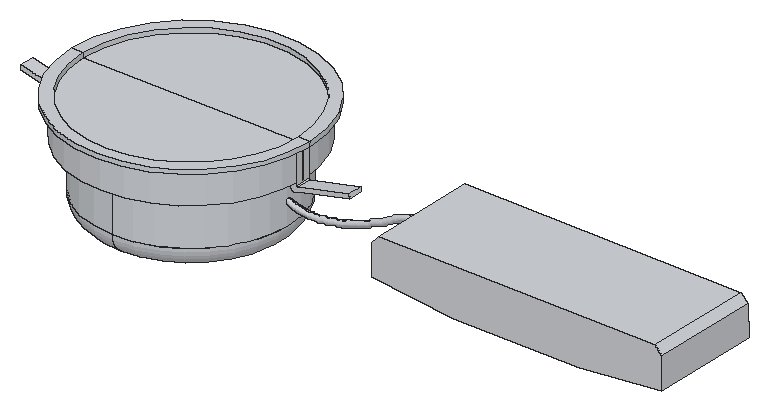
Revit family "EURS_63_LF_FB_Luxspace Mini Recessed DN560B_PHI", category Lighting Fixtures, host Face, Revit 2016
Family settings
  Host = Face
  Part Type = Normal
  Round Connector Dimension = Use Diameter
  Cut with Voids When Loaded = No
  Light Source = No
  Shared = Yes
  Room Calculation Point = No
Parameters (values of type "Type catalog")
  Width = 164 mm
  Voltage (V) = 230 V
  Visibility 2D symbol [instance] = not(Visibility 2D outline)  # yes
  Visibility 2D outline [instance] = no
  Rim height = 3 mm
  Product catalog - URL = "https://www.lighting.philips.com/main/prof/indoor-luminaires/downlights/luxspace-mini-recessed/910503586407_EU/product"
  Order code = "910503586407"
  Light source = 2 mm
  Length = Width  # 164 mm
  Last IES update = "DATE"
  Lamp type = DN560B IES Data : 1xLED8S_830 C
  Installation space height = 75 mm
  Height = 72 mm
  Fixture code = "871829193628200"
  ETIM code URL = "https://prod.etim-international.com/Class/Details?classId=EC002892&classVersion=2"
  ETIM code = "EC002892"
  EOC = "EOC CODE"
  Diameter = Length  # 164 mm
  Wattage Comments = ""
  URL = "http://www.lighting.philips.com/main/home"
  Type Comments = "Recessed"
  Model = "DN560B"
  Manufacturer = "Philips"
  Light loss factor = ""
  Lamp = "LAMP NAME"
  Initial luminous flux (lm) = ""
  Init. Corr. Color Temperature (K) = ""
  Description = "Luxspace Mini Recessed"
  Default Elevation = 0 mm
  Cut out diameter = Length - 10 mm  # 154 mm
  Content version = "1.0"
  Content modified date = "01-04-2020"
  Content creation date = "01-04-2020"
  Content Creator = "https://www.cadac.com/bimcontent"
  Ceiling thickness = 12.5 mm
  BIM Library - URL = "http://www.lighting.philips.com/main/support/support/revit-library#page=1"
  Assembly Code = ""
  Armatuurcode [instance] = ""
  Apparent Load = 18 VA
  12NC = "910503586407"
Reference planes
  plane 1 "Center (Front/Back)": y = 0
  plane 2: z = 0
  plane 3 "Center (Left/Right)": x = 0
  plane 4 "Cadac Group AEC": y = 0
  plane 5 "left": x = -82
  plane 6 "right": x = 82
  plane 7 "front": y = -82
  plane 8 "back": y = 82
  plane 9: z = -69
  plane 10: z = 3
  plane 11: z = -87.5
  plane 12: z = -12.5
  plane 13 "Light source": z = 5
  plane 14: z = -22
Forms (mm)
  Extrusion 1, void
    sketch origin (0, 0, 0) x (1, 0, 0) y (0, 1, 0)
      loop
        circle (0, 0) r 77
    from -87.5 to 0
  Revolve 2, solid
    sketch origin (0, 0, 0) x (1, 0, 0) y (0, 0, 1)
      loop
        line (0, 0) -> (0, 3) -> (-82, 3) -> (-82, 0) -> (-77, 0) -> (-77, -22) -> (0, -22) -> (0, 0)
      axis (0, 3) -> (0, -22)
    angle from 0 to 360
  Extrusion 3, solid
    sketch origin (0, 0, 0) x (1, 0, 0) y (0, 0, 1)
      loop
        line (-77, 0) -> (-77, -23.494)
        arc (-77, -23.494) -> (-77.299, -23.76) -> (-77.565, -24.059) r 3.47
        line (-77.565, -24.059) -> (-112.668, -16.035) -> (-113.337, -18.96) -> (-77.347, -27.186)
        arc (-77.347, -27.186) -> (-73.646, -27.178) -> (-74, -23.494) r 2.503
        line (-74, -23.494) -> (-74, 0) -> (-77, 0)
    from -5 to 5
  Extrusion 4, solid
    sketch origin (0, 0, 0) x (-1, 0, 0) y (0, 0, -1)
      loop
        line (-77, 0) -> (-74, 0) -> (-74, 23.494)
        arc (-74, 23.494) -> (-73.646, 27.178) -> (-77.347, 27.186) r 2.503
        line (-77.347, 27.186) -> (-113.337, 18.96) -> (-112.668, 16.035) -> (-77.565, 24.059)
        arc (-77.565, 24.059) -> (-77.299, 23.76) -> (-77, 23.494) r 3.47
        line (-77, 23.494) -> (-77, 0)
    from -5 to 5
  Revolve 5, void
    sketch origin (0, 0, 0) x (1, 0, 0) y (0, 0, 1)
      loop
        line (-74, 0) -> (0, 0) -> (0, 3) -> (-74, 3) -> (-74, 0)
      axis (0, 0) -> (0, 3)
    angle from 0 to 360
  Extrusion 6, solid
    sketch origin (0, 0, -9) x (1, 0, 0) y (0, 0, 1)
      loop
        line (154, -8.5) -> (154, -29.522) -> (210.881, -35.5) -> (297.129, -35.5) -> (354.011, -29.522) -> (354.011, -8.5) -> (349.011, -3.5) -> (159, -3.5) -> (154, -8.5)
    from 37.1 to -37.1
  Sweep 7, solid
    path origin (0, 0, -1.875) x (1, 0, 0) y (0, 0, 1)
      loop
        spline (30, -9) -> (47.93, -25.096) -> (62.517, -34.774) -> (74.586, -39.463) -> (84.961, -40.592) -> (94.465, -39.587) -> (103.789, -37.67) -> (113, -35.09) -> (121.984, -31.82) -> (130.628, -27.834) -> (138.843, -23.36) -> (146.627, -19.61) -> (154, -18.028)
    profile origin (103.789, 0, -39.545) x (-0.234913, 0, 0.972016) y (0, -1, 0)
      loop
        circle (0, 0) r 2
  Revolve 8, solid
    sketch origin (0, 0, 0) x (0, 1, 0) y (0, 0, 1)
      loop
        line (67, -22) -> (0, -22) -> (0, -69) -> (52, -69)
        arc (52, -69) -> (62.607, -64.607) -> (67, -54) r 15
        line (67, -54) -> (67, -22)
      axis (0, -22) -> (0, -69)
    angle from 0 to 360
Cuts and joins
  Revolve 5 cuts Revolve 2
Dimensions and locks
  equal spacing: plane 8 "back", plane 1 "Center (Front/Back)", plane 7 "front"
  "Width": plane 7 "front" to plane 8 "back"
  "Height": plane 9 to plane 10
  "Rim height": host face to plane 10
  "Ceiling thickness": plane 12 to plane 2
  equal spacing: plane 5 "left", plane 3 "Center (Left/Right)", plane 6 "right"
  "Length": plane 5 "left" to plane 6 "right"
  "Installation space height": plane 12 to plane 11
  "Light source": plane 13 "Light source" to plane 10
  plane 14 to plane 10 = 25 mm
  "Cut out diameter": diameter of Extrusion 1 sketch curve
  aligned and locked: plane 2 to host face
  aligned and locked: level to host face
  aligned and locked: plane 4 "Cadac Group AEC" to plane 1 "Center (Front/Back)"
  aligned and locked: plane 11 to Extrusion 1
  aligned and locked: Revolve 2 sketch curve to plane 10
  aligned and locked: Revolve 2 sketch curve to plane 5 "left"
  aligned and locked: cut or joined group of Revolve 2, Revolve 5 to plane 14
  aligned and locked: Revolve 8 to plane 9
  aligned and locked: plane 14 to Revolve 8
Automatic sketch dimensions
  host sketch curve to host sketch curve = 767.194 mm
  host sketch curve to host sketch curve = 619.519 mm
  plane 12 to Extrusion 3 sketch curve = 6.46 mm
  Extrusion 3 sketch curve to plane 5 "left" = 31.337 mm
  plane 12 to Extrusion 3 sketch curve = 3.535 mm
  Extrusion 3 sketch curve to Extrusion 3 sketch curve = 0.668 mm
  plane 5 "left" to Extrusion 3 sketch curve = 4.435 mm
  Extrusion 3 sketch curve to Extrusion 3 sketch curve = 0.218 mm
  Extrusion 3 sketch curve to Extrusion 3 sketch curve = 0.565 mm
  Extrusion 3 sketch curve to Extrusion 3 sketch curve = 1.847 mm
  Extrusion 3 sketch curve to Extrusion 3 sketch curve = 0.655 mm
  Extrusion 3 sketch curve to Extrusion 3 sketch curve = 3 mm
  Extrusion 3 sketch curve to Extrusion 3 sketch curve = 0.972 mm
  Extrusion 3 sketch curve to Extrusion 3 sketch curve = 0.717 mm
  Extrusion 3 sketch curve to plane 12 = 12.5 mm
  Extrusion 4 sketch curve to plane 12 = 6.46 mm
  plane 6 "right" to Extrusion 4 sketch curve = 31.337 mm
  Extrusion 4 sketch curve to plane 12 = 3.535 mm
  Extrusion 4 sketch curve to Extrusion 4 sketch curve = 0.668 mm
  Extrusion 4 sketch curve to plane 6 "right" = 4.435 mm
  Extrusion 4 sketch curve to Extrusion 4 sketch curve = 0.218 mm
  Extrusion 4 sketch curve to Extrusion 4 sketch curve = 0.565 mm
  Extrusion 4 sketch curve to Extrusion 4 sketch curve = 1.847 mm
  Extrusion 4 sketch curve to Extrusion 4 sketch curve = 0.655 mm
  Extrusion 4 sketch curve to Extrusion 4 sketch curve = 3 mm
  Extrusion 4 sketch curve to Extrusion 4 sketch curve = 0.972 mm
  Extrusion 4 sketch curve to Extrusion 4 sketch curve = 0.717 mm
  plane 12 to Extrusion 4 sketch curve = 12.5 mm
  Revolve 2 sketch curve to level = 0 mm  (x2)
  Revolve 2 sketch curve to plane 3 "Center (Left/Right)" = 0 mm  (x2)
  Revolve 2 sketch curve to plane 9 = 0 mm
  Revolve 2 sketch curve to plane 10 = 0 mm
  plane 5 "left" to Revolve 2 sketch curve = 5 mm
  plane 12 to Revolve 2 sketch curve = 9.5 mm
  Revolve 5 sketch curve to plane 10 = 0 mm  (x2)
  Revolve 5 sketch curve to level = 0 mm  (x2)
  Revolve 5 sketch curve to plane 3 "Center (Left/Right)" = 0 mm  (x2)
  plane 5 "left" to Revolve 5 sketch curve = 8 mm
  Sweep 7 sketch curve to plane 12 = 1.625 mm
  plane 3 "Center (Left/Right)" to Sweep 7 sketch curve = 30 mm
  plane 12 to Sweep 7 sketch curve = 7.403 mm
  Sweep 7 sketch curve to plane 6 "right" = 72 mm
  plane 1 "Center (Front/Back)" to Sweep 7 sketch curve = 0 mm
  Sweep 7 sketch curve to profile plane = 0 mm
  Revolve 8 sketch curve to plane 1 "Center (Front/Back)" = 0 mm  (x2)
  Revolve 8 sketch curve to plane 14 = 0 mm
  Revolve 8 sketch curve to plane 8 "back" = 30 mm
  Revolve 8 sketch curve to Revolve 8 sketch curve = 15 mm
  plane 11 to Revolve 8 sketch curve = 9.5 mm
  plane 13 "Light source" to Revolve 8 sketch curve = 3 mm
  plane 9 to Revolve 8 sketch curve = 0 mm
  Extrusion 6 sketch curve to plane 12 = 0 mm
  plane 14 to Extrusion 6 sketch curve = 4.5 mm  (x2)
  Extrusion 6 sketch curve to plane 6 "right" = 72 mm
  Extrusion 6 sketch curve to Extrusion 6 sketch curve = 5 mm  (x2)
  Extrusion 6 sketch curve to plane 14 = 22.5 mm
  Extrusion 6 sketch curve to Extrusion 6 sketch curve = 56.881 mm  (x2)
  Extrusion 6 sketch curve to Extrusion 6 sketch curve = 86.248 mm
  Extrusion 6 sketch curve to plane 14 = 16.522 mm  (x2)
  plane 1 "Center (Front/Back)" to Extrusion 1 sketch curve = 0 mm
  Extrusion 1 sketch curve to plane 3 "Center (Left/Right)" = 0 mm
  radius of Sweep 7 sketch curve = 2 mm
Nested families
  nested 1: "2D-PL-Rond" at (0, 0, 0), visible <- "Visibility 2D outline", Diameters <- "Length", type "2D symbool"
    with Diameters 164 mm
  nested 2: "2D-PL-Rond + symbool" at (0, 0, 0), visible <- "Visibility 2D symbol", Diameters <- "Length", type "2D symbool"
    with radius 82 mm, Diameters 164 mm
  nested 3: "DN560B IES Data" at (0, 0, 5) x (1, 0, 0) z (0, 0, -1), type <- "Lamp type", type "1xLED8S_830 C"
Connectors
  electrical at (0, 0, 0), driven by "Apparent Load", driven by "Voltage (V)"
    settings: index 1, voltage 230 V, apparent load 0 VA, apparent load phase1 18 VA, apparent load phase2 0 VA, apparent load phase3 0 VA, power factor 1, load classification "Lighting", number of poles 1, system type 31, power factor state 1, is connector primary yes, connector utility no, sub classification motor no, connector description ""
Definition of nested family "2D-PL-Rond"
  Parameters (values of type "2D symbool")
    Diameters [instance] = 250 mm
    Description = "Armatuur symbool"
    Copyright © Cadac = "www.cadac.com/aec"
    Cadac content versie = ""
    Assembly Code = ""
  Reference planes
    plane 1 "Center (Front/Back)": y = 0
    plane 2: z = 0
    plane 3 "Center (Left/Right)": x = 0
  Lines and regions (mm)
    symbolic lines
      curve 1: circle (0, 0, 0) r 125 normal (0, 0, 1)
  Dimensions and locks
    "Diameters": diameter of curve 1
  Automatic sketch dimensions
    plane 1 "Center (Front/Back)" to curve 1 = 0 mm
    curve 1 to plane 3 "Center (Left/Right)" = 0 mm
Definition of nested family "2D-PL-Rond + symbool"
  Parameters (values of type "2D symbool")
    radius [instance] = Diameters / 2  # 125 mm
    Visibility 2D symbol = yes
    Diameters [instance] = 250 mm
    Description = "Armatuur symbool"
    Copyright © Cadac = "www.cadac.com/aec"
    Cadac content versie = ""
    Assembly Code = ""
  Reference planes
    plane 1 "Center (Front/Back)": y = 0
    plane 2: z = 0
    plane 3 "Center (Left/Right)": x = 0
  Lines and regions (mm)
    symbolic lines
      curve 1: circle (0, 0, 0) r 125 normal (0, 0, 1)
  Dimensions and locks
    "Diameters": diameter of curve 1
  Automatic sketch dimensions
    plane 1 "Center (Front/Back)" to curve 1 = 0 mm
    curve 1 to plane 3 "Center (Left/Right)" = 0 mm
  Nested families
    nested 1: "PL-opbouwarmatuur plafond rond" at (0, 0, 0), radius cirkel <- "radius", visible <- "Visibility 2D symbol", type "PL lichtpunt"
      with radius cirkel 125 mm, lengte symbool 162.5 mm, l1 140 mm, breedte symbool 150 mm, b1 52.5 mm
  Definition of nested family "PL-opbouwarmatuur plafond rond"
    Parameters (values of type "PL lichtpunt")
      radius cirkel [instance] = 200 mm
      lengte symbool [instance] = 162.5 mm
      l1 [instance] = 140 mm
      breedte symbool [instance] = radius cirkel + 25 mm  # 225 mm
      b1 [instance] = 52.5 mm
      Diameters = 74 mm
      Description = "PL lichtpunt"
      Copyright © Cadac = "www.cadac.com/aec"
      Cadac content versie = "4.0"  # constant formula
      Assembly Code = ""
    Reference planes
      plane 1 "Center (Front/Back)": y = 0
      plane 2: z = 0
      plane 3 "Center (Left/Right)": x = 0
      plane 4: y = 112.5
      plane 5: y = -112.5
    Lines and regions (mm)
      symbolic lines
        curve 1: circle (0, 0, 0) r 200 normal (0, 0, 1)
        curve 2: line (-165.359, 112.5, 0) -> (165.359, -112.5, 0)
        curve 3: line (-165.359, -112.5, 0) -> (165.359, 112.5, 0)
    Dimensions and locks
      equal spacing: plane 4, plane 1 "Center (Front/Back)", plane 5
      "breedte symbool": plane 4 to plane 5
      "radius cirkel": radius of curve 1
      aligned and locked: plane 4 to curve 2
      aligned and locked: plane 4 to curve 3
      aligned and locked: plane 5 to curve 3
      aligned and locked: plane 5 to curve 2
    Automatic sketch dimensions
      plane 1 "Center (Front/Back)" to curve 1 = 0 mm
      curve 1 to plane 3 "Center (Left/Right)" = 0 mm
Definition of nested family "DN560B IES Data"
  Parameters (values of type "1xLED8S_840 WR")
    Wattage = 8 W
    built-in parameter 1150110 = 1 (stored number, unit not read)
    built-in parameter 1114217 = 1 (stored number, unit not read)
    Tilt Angle = 90.00°
    built-in parameter 1150109 = 1 (stored number, unit not read)
    built-in parameter 1150134 = 12
    built-in parameter 1150113 = 1 (stored number, unit not read)
    Photometric Web File = "DN560B 1xLED8S_840 WR.ies"
    Model = "DN560B"
    Manufacturer = "Philips"
    built-in parameter 1150105 = 63.662 (stored number, unit not read)
    Lumens = 800 lm
    built-in parameter 1150115 = 1 (stored number, unit not read)
    built-in parameter 1150137 = (empty or 0)
    built-in parameter 1150139 = (empty or 0)
    built-in parameter 1150112 = 1 (stored number, unit not read)
    built-in parameter 1150114 = 1 (stored number, unit not read)
    Lamp = "LED8S/840/-"
    built-in parameter 1150132 = (empty or 0)
    built-in parameter 1150102 = (empty or 0)
    built-in parameter 1150107 = 4000 (stored number, unit not read)
    built-in parameter 1150138 = (empty or 0)
    built-in parameter 1150106 = 0.63662 (stored number, unit not read)
    Emit from Circle Diameter = 125 mm
    Emit Shape Visible in Rendering = no
    built-in parameter 1150104 = 9.2903 (stored number, unit not read)
    Dimming Lamp Color Temperature Shift = (empty or 0)
    Description = ""
    Default Elevation = 0 mm
    Content Creator = "https://www.cadac.com/bimcontent"
    Color Filter = 16777215
    built-in parameter 1114218 = 1 (stored number, unit not read)
    built-in parameter 1150133 = 10 (stored number, unit not read)
    Apparent Load = 8 VA
  Types (30, lengths in mm): name | Wattage | built-in parameter 1150134 | Photometric Web File | built-in parameter 1150105 | Lumens | Lamp | built-in parameter 1150107 | built-in parameter 1150106 | built-in parameter 1150104 | Apparent Load
    1xLED8S_840 WR | 8 W | 12 | "DN560B 1xLED8S_840 WR.ies" | 63.662 (stored number, unit not read) | 800 lm | "LED8S/840/-" | 4000 (stored number, unit not read) | 0.63662 (stored number, unit not read) | 9.2903 (stored number, unit not read) | 8 VA
    1xLED8S_840 M | 8 W | 12 | "DN560B 1xLED8S_840 M.ies" | 55.704 (stored number, unit not read) | 700 lm | "LED8S/840/-" | 4000 (stored number, unit not read) | 0.55704 (stored number, unit not read) | 8.129 (stored number, unit not read) | 8 VA
    1xLED8S_840 F | 8 W | 12 | "DN560B 1xLED8S_840 F.ies" | 65.254 (stored number, unit not read) | 820 lm | "LED8S/840/-" | 4000 (stored number, unit not read) | 0.65254 (stored number, unit not read) | 9.5226 (stored number, unit not read) | 8 VA
    1xLED8S_840 C | 8 W | 12 | "DN560B 1xLED8S_840 C.ies" | 65.254 (stored number, unit not read) | 820 lm | "LED8S/840/-" | 4000 (stored number, unit not read) | 0.65254 (stored number, unit not read) | 9.5226 (stored number, unit not read) | 8 VA
    1xLED8S_830 WR | 8 W | (empty or 0) | "DN560B 1xLED8S_830 WR.ies" | 63.662 (stored number, unit not read) | 800 lm | "LED8S/830/-" | 3000 (stored number, unit not read) | 0.63662 (stored number, unit not read) | 9.2903 (stored number, unit not read) | 8 VA
    1xLED8S_830 M | 8 W | (empty or 0) | "DN560B 1xLED8S_830 M.ies" | 55.704 (stored number, unit not read) | 700 lm | "LED8S/830/-" | 3000 (stored number, unit not read) | 0.55704 (stored number, unit not read) | 8.129 (stored number, unit not read) | 8 VA
    1xLED8S_830 F | 8 W | (empty or 0) | "DN560B 1xLED8S_830 F.ies" | 65.254 (stored number, unit not read) | 820 lm | "LED8S/830/-" | 3000 (stored number, unit not read) | 0.65254 (stored number, unit not read) | 9.5226 (stored number, unit not read) | 8 VA
    1xLED8S_830 C | 8 W | (empty or 0) | "DN560B 1xLED8S_830 C.ies" | 65.254 (stored number, unit not read) | 820 lm | "LED8S/830/-" | 3000 (stored number, unit not read) | 0.65254 (stored number, unit not read) | 9.5226 (stored number, unit not read) | 8 VA
    1xLED12S_930 WR | 11.2 W | (empty or 0) | "DN560B 1xLED12S_930 WR.ies" | 74.803 (stored number, unit not read) | 940 lm | "LED12S/930/-" | 3000 (stored number, unit not read) | 0.74803 (stored number, unit not read) | 7.7972 (stored number, unit not read) | 11.2 VA
    1xLED12S_930 WR PGO | 11.2 W | (empty or 0) | "DN560B 1xLED12S_930 WR PGO.ies" | 65.254 (stored number, unit not read) | 820 lm | "LED12S/930/-" | 3000 (stored number, unit not read) | 0.65254 (stored number, unit not read) | 6.8018 (stored number, unit not read) | 11.2 VA
    1xLED12S_930 WR PG | 11.2 W | (empty or 0) | "DN560B 1xLED12S_930 WR PG.ies" | 74.803 (stored number, unit not read) | 940 lm | "LED12S/930/-" | 3000 (stored number, unit not read) | 0.74803 (stored number, unit not read) | 7.7972 (stored number, unit not read) | 11.2 VA
    1xLED12S_930 M | 11.2 W | (empty or 0) | "DN560B 1xLED12S_930 M.ies" | 68.437 (stored number, unit not read) | 860 lm | "LED12S/930/-" | 3000 (stored number, unit not read) | 0.68437 (stored number, unit not read) | 7.1336 (stored number, unit not read) | 11.2 VA
    1xLED12S_930 M PGO | 11.2 W | (empty or 0) | "DN560B 1xLED12S_930 M PGO.ies" | 52.521 (stored number, unit not read) | 660 lm | "LED12S/930/-" | 3000 (stored number, unit not read) | 0.52521 (stored number, unit not read) | 5.4746 (stored number, unit not read) | 11.2 VA
    1xLED12S_930 M PG | 11.2 W | (empty or 0) | "DN560B 1xLED12S_930 M PG.ies" | 62.07 (stored number, unit not read) | 780 lm | "LED12S/930/-" | 3000 (stored number, unit not read) | 0.6207 (stored number, unit not read) | 6.47 (stored number, unit not read) | 11.2 VA
    1xLED12S_930 F | 11.2 W | (empty or 0) | "DN560B 1xLED12S_930 F.ies" | 77.986 (stored number, unit not read) | 980 lm | "LED12S/930/-" | 3000 (stored number, unit not read) | 0.77986 (stored number, unit not read) | 8.129 (stored number, unit not read) | 11.2 VA
    1xLED12S_930 F PGO | 11.2 W | (empty or 0) | "DN560B 1xLED12S_930 F PGO.ies" | 68.437 (stored number, unit not read) | 860 lm | "LED12S/930/-" | 3000 (stored number, unit not read) | 0.68437 (stored number, unit not read) | 7.1336 (stored number, unit not read) | 11.2 VA
    1xLED12S_930 F PG | 11.2 W | (empty or 0) | "DN560B 1xLED12S_930 F PG.ies" | 74.803 (stored number, unit not read) | 940 lm | "LED12S/930/-" | 3000 (stored number, unit not read) | 0.74803 (stored number, unit not read) | 7.7972 (stored number, unit not read) | 11.2 VA
    1xLED12S_930 C | 11.2 W | (empty or 0) | "DN560B 1xLED12S_930 C.ies" | 77.986 (stored number, unit not read) | 980 lm | "LED12S/930/-" | 3000 (stored number, unit not read) | 0.77986 (stored number, unit not read) | 8.129 (stored number, unit not read) | 11.2 VA
    1xLED12S_930 C PGO | 11.2 W | (empty or 0) | "DN560B 1xLED12S_930 C PGO.ies" | 66.845 (stored number, unit not read) | 840 lm | "LED12S/930/-" | 3000 (stored number, unit not read) | 0.66845 (stored number, unit not read) | 6.9677 (stored number, unit not read) | 11.2 VA
    1xLED12S_930 C PG | 11.2 W | (empty or 0) | "DN560B 1xLED12S_930 C PG.ies" | 74.803 (stored number, unit not read) | 940 lm | "LED12S/930/-" | 3000 (stored number, unit not read) | 0.74803 (stored number, unit not read) | 7.7972 (stored number, unit not read) | 11.2 VA
    1xLED12S_840 WR | 11.2 W | 12 | "DN560B 1xLED12S_840 WR.ies" | 91.514 (stored number, unit not read) | 1150 lm | "LED12S/840/-" | 4000 (stored number, unit not read) | 0.91514 (stored number, unit not read) | 9.5392 (stored number, unit not read) | 11.2 VA
    1xLED12S_840 M | 11.2 W | 12 | "DN560B 1xLED12S_840 M.ies" | 83.556 (stored number, unit not read) | 1050 lm | "LED12S/840/-" | 4000 (stored number, unit not read) | 0.83556 (stored number, unit not read) | 8.7097 (stored number, unit not read) | 11.2 VA
    1xLED12S_840 F | 11.2 W | 12 | "DN560B 1xLED12S_840 F.ies" | 95.493 (stored number, unit not read) | 1200 lm | "LED12S/840/-" | 4000 (stored number, unit not read) | 0.95493 (stored number, unit not read) | 9.9539 (stored number, unit not read) | 11.2 VA
    1xLED12S_840 C | 11.2 W | 12 | "DN560B 1xLED12S_840 C.ies" | 95.493 (stored number, unit not read) | 1200 lm | "LED12S/840/-" | 4000 (stored number, unit not read) | 0.95493 (stored number, unit not read) | 9.9539 (stored number, unit not read) | 11.2 VA
    1xLED12S_830 WR | 11.2 W | (empty or 0) | "DN560B 1xLED12S_830 WR.ies" | 91.514 (stored number, unit not read) | 1150 lm | "LED12S/830/-" | 3000 (stored number, unit not read) | 0.91514 (stored number, unit not read) | 9.5392 (stored number, unit not read) | 11.2 VA
    1xLED12S_830 M | 11.2 W | (empty or 0) | "DN560B 1xLED12S_830 M.ies" | 83.556 (stored number, unit not read) | 1050 lm | "LED12S/830/-" | 3000 (stored number, unit not read) | 0.83556 (stored number, unit not read) | 8.7097 (stored number, unit not read) | 11.2 VA
    1xLED12S_830 F | 11.2 W | (empty or 0) | "DN560B 1xLED12S_830 F.ies" | 95.493 (stored number, unit not read) | 1200 lm | "LED12S/830/-" | 3000 (stored number, unit not read) | 0.95493 (stored number, unit not read) | 9.9539 (stored number, unit not read) | 11.2 VA
    1xLED12S_830 F PG | 11.2 W | (empty or 0) | "DN560B 1xLED12S_830 F PG.ies" | 91.514 (stored number, unit not read) | 1150 lm | "LED12S/830/-" | 3000 (stored number, unit not read) | 0.91514 (stored number, unit not read) | 9.5392 (stored number, unit not read) | 11.2 VA
    1xLED12S_830 C | 11.2 W | (empty or 0) | "DN560B 1xLED12S_830 C.ies" | 95.493 (stored number, unit not read) | 1200 lm | "LED12S/830/-" | 3000 (stored number, unit not read) | 0.95493 (stored number, unit not read) | 9.9539 (stored number, unit not read) | 11.2 VA
    1xLED12S_830 C PG | 11.2 W | (empty or 0) | "DN560B 1xLED12S_830 C PG.ies" | 91.514 (stored number, unit not read) | 1150 lm | "LED12S/830/-" | 3000 (stored number, unit not read) | 0.91514 (stored number, unit not read) | 9.5392 (stored number, unit not read) | 11.2 VA
  Reference planes
    plane 1 "Center (Front/Back)": y = 0
    plane 2: z = 0
    plane 3 "Center (Left/Right)": x = 0
  Forms (mm)
    Extrusion 1, solid
      sketch origin (0, 0, 0) x (1, 0, 0) y (0, 1, 0)
        loop
          line (-1219.2, 1219.2) -> (-1219.2, -1219.2) -> (1219.2, -1219.2) -> (1219.2, 1219.2) -> (-1219.2, 1219.2)
      from 0 to 123.942
  Dimensions and locks
    aligned and locked: plane 2 to Extrusion 1
    aligned and locked: level to Extrusion 1
